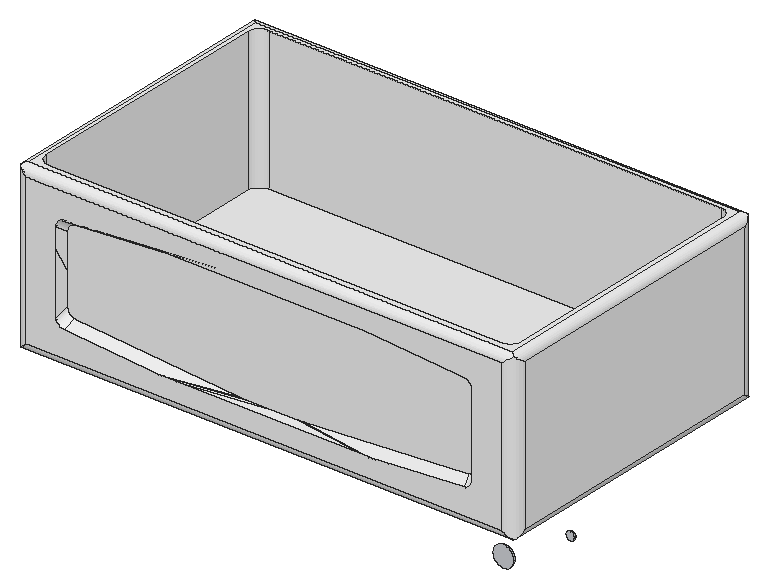
Revit family "Sink_Kitchen-Fire_Clay-DXV-Orchard-D20102000_Series", category Plumbing Fixtures, Revit 2014
Parameters (values of type "D20102000.415")
  Width = 30"
  Waste Connection Radius = 5/8"
  Waste Connection Height = 20 1/4"
  Waste Connection Diameter = Waste Connection Radius * 2  # 1 1/4"
  Waste Connection = yes
  WFU = 2
  Vent Connection = no
  URL = "www.dxv.com"
  Type Comments = "Bottom sink rack and strainer included"
  Product Page URL = "http://www.dxv.com/Product/Orchard-30-inches-Apron-Kitchen-Sink--"
  Product Documentation Link = "http://dxv.blob.core.windows.net/dxv-product-pdf-files/DXV_D20102000_Orchard_kit_sink_spec_en.pdf"
  Price = "Prices may vary. Please consult Manufacturer Representative for most up-to-date price list."  # constant formula
  Model = "D20102000.415"
  Material = "Fire Clay-DXV-415-Canvas White"
  Manufacturer = "DXV"
  Length = 18"
  Installation Type = "Semi Counter Mounted"
  Hot Water Connection Width = 4"
  Hot Water Connection Radius = 1/4"
  Hot Water Connection Height = 22 3/4"
  Hot Water Connection Diameter = Hot Water Connection Radius * 2  # 1/2"
  Height = 10"
  HWFU = 1.5
  HW Connection = yes
  Finish = Fire Clay-DXV-415-Canvas White
  Description = "Apron Front Kitchen Sink Canvas White"
  Default Elevation = 34"
  Creation Date = "06/02/2014"  # constant formula
  Cold Water Connection Width = 4"
  Cold Water Connection Radius = 1/4"
  Cold Water Connection Height = Hot Water Connection Height  # 22 3/4"
  Cold Water Connection Diameter = Cold Water Connection Radius * 2  # 1/2"
  CWFU = 1.5
  CW Connection = yes
  Basin Shape = "Rectangle"
  Assembly Code = "D2010310"
Types (4): name | Model | Material | Finish | Description
  (no name) | "D20102000.415" | "Fire Clay-DXV-415-Canvas White" | Fire Clay-DXV-415-Canvas White | "Apron Front Kitchen Sink Canvas White"
  D20102000.415 | "D20102000.415" | "Fire Clay-DXV-415-Canvas White" | Fire Clay-DXV-415-Canvas White | "Apron Front Kitchen Sink Canvas White"
  D20102000.410 | "D20102000.410" | "Fire Clay-DXV-410-Oyster" | Fire Clay-DXV-410-Oyster | "Apron Front Kitchen Sink Oyster"
  D20102000.425 | "D20102000.425" | "Fire Clay-DXV-425-Chenille Gray" | Fire Clay-DXV-425-Chenille Gray | "Apron Front Kitchen Sink Chenille Gray"
Reference planes (in)
  plane 1 "Center (Front/Back)": y = 0
  plane 2: z = 0
  plane 3 "Center (Left/Right)": x = 0
  plane 4: y = -18
  plane 5: x = 14.25
  plane 6: x = -14.25
  plane 7: y = -0.71575
  plane 8: y = -17.22175
  plane 9: x = -15
  plane 10: x = 15
  plane 11: y = -8.96875
  plane 12: y = -7.21875
  plane 13: y = -10.71875
  plane 14 "Finsihed Floor": z = -34
  plane 15: z = -11.25
  plane 16: z = -13.75
  plane 17: x = 4
  plane 18: x = -4
  plane 19: x = 1.75
  plane 20: x = -1.75
  plane 21: x = -12.75
  plane 22: x = 12.75
  plane 23: z = 10
Forms (in)
  Extrusion 1, solid, material "Fire Clay-DXV-415-Canvas White" <- "Finish"
    sketch origin (0, 0, 0) x (1, 0, 0) y (0, 1, 0)
      loop
        arc (-14.25, 0) -> (-14.78033, -0.21967) -> (-15, -0.75) r 0.75
        line (-15, -0.75) -> (-15, -17.25)
        arc (-15, -17.25) -> (-14.78033, -17.78033) -> (-14.25, -18) r 0.75
        line (-14.25, -18) -> (14.25, -18)
        arc (14.25, -18) -> (14.78033, -17.78033) -> (15, -17.25) r 0.75
        line (15, -17.25) -> (15, -0.75)
        arc (15, -0.75) -> (14.78033, -0.21967) -> (14.25, 0) r 0.75
        line (14.25, 0) -> (-14.25, 0)
    from 0 to 10
  Extrusion 2, void
    sketch origin (0, 0, 1.5) x (1, 0, 0) y (0, 1, 0)
      loop
        arc (-13.53906, -0.71575) -> (-14.04177, -0.92398) -> (-14.25, -1.42669) r 0.71094
        line (-14.25, -1.42669) -> (-14.25, -16.51081)
        arc (-14.25, -16.51081) -> (-14.04177, -17.01352) -> (-13.53906, -17.22175) r 0.71094
        line (-13.53906, -17.22175) -> (13.53906, -17.22175)
        arc (13.53906, -17.22175) -> (14.04177, -17.01352) -> (14.25, -16.51081) r 0.71094
        line (14.25, -16.51081) -> (14.25, -1.42669)
        arc (14.25, -1.42669) -> (14.04177, -0.92398) -> (13.53906, -0.71575) r 0.71094
        line (13.53906, -0.71575) -> (-13.53906, -0.71575)
    from 0 to 8.5
  Extrusion 3, solid
    sketch origin (0, 0, 0) x (1, 0, 0) y (0, 0, 1)
      loop
        circle (-4, -11.25) r 0.25
      loop
        circle (4, -11.25) r 0.25
      loop
        circle (0, -13.75) r 0.625
    from 0 to 0.0625
  Revolve 4, void
    sketch origin (0, -8.96875, 10) x (1, 0, 0) y (0, 0, 1)
      loop
        line (0, -10.28728) -> (1.70212, -10.28728) -> (2.08657, -7.9806) -> (0, -7.9806) -> (0, -10.28728)
      axis (0, -7.9806) -> (0, -10.28728)
    angle from 0 to 360
  Blend 5, void
    base sketch origin (0, -17.9375, 10) x (1, 0, 0) y (0, 0, -1)
      loop
        line (-12.25, 1.5) -> (12.25, 1.5)
        arc (12.25, 1.5) -> (12.60355, 1.64645) -> (12.75, 2) r 0.5
        line (12.75, 2) -> (12.75, 8)
        arc (12.75, 8) -> (12.60355, 8.35355) -> (12.25, 8.5) r 0.5
        line (12.25, 8.5) -> (-12.25, 8.5)
        arc (-12.25, 8.5) -> (-12.60355, 8.35355) -> (-12.75, 8) r 0.5
        line (-12.75, 8) -> (-12.75, 2)
        arc (-12.75, 2) -> (-12.60355, 1.64645) -> (-12.25, 1.5) r 0.5
    top sketch origin (0, -17.9375, 10) x (1, 0, 0) y (0, 0, -1)
      loop
        line (0, 1.75) -> (1.57166, 1.75)
        arc (1.57166, 1.75) -> (1.74989, 1.75318) -> (1.92789, 1.76271) r 5
        line (1.92789, 1.76271) -> (11.78562, 2.46683)
        arc (11.78562, 2.46683) -> (12.11593, 2.62483) -> (12.25, 2.96556) r 0.5
        line (12.25, 2.96556) -> (12.25, 5) -> (12.25, 7.03444)
        arc (12.25, 7.03444) -> (12.11593, 7.37517) -> (11.78562, 7.53317) r 0.5
        line (11.78562, 7.53317) -> (1.92789, 8.23729)
        arc (1.92789, 8.23729) -> (1.74989, 8.24682) -> (1.57166, 8.25) r 5
        line (1.57166, 8.25) -> (0, 8.25) -> (-1.57166, 8.25)
        arc (-1.57166, 8.25) -> (-1.74989, 8.24682) -> (-1.92789, 8.23729) r 5
        line (-1.92789, 8.23729) -> (-11.78562, 7.53317)
        arc (-11.78562, 7.53317) -> (-12.11593, 7.37517) -> (-12.25, 7.03444) r 0.5
        line (-12.25, 7.03444) -> (-12.25, 5) -> (-12.25, 2.96556)
        arc (-12.25, 2.96556) -> (-12.11593, 2.62483) -> (-11.78562, 2.46683) r 0.5
        line (-11.78562, 2.46683) -> (-1.92789, 1.76271)
        arc (-1.92789, 1.76271) -> (-1.74989, 1.75318) -> (-1.57166, 1.75) r 5
        line (-1.57166, 1.75) -> (0, 1.75)
    from -0.82119 to 0.5
  Sweep 6, void
    path origin (0, 0, 0) x (1, 0, 0) y (0, 1, 0)
      loop
        line (-15, 0) -> (-15, -18) -> (15, -18) -> (15, 0) -> (-15, 0)
    profile origin (0, 0, 0) x (0, 1, 0) y (0, 0, 1)
      loop
        line (0, 10) -> (-0.5, 10)
        arc (-0.5, 10) -> (-0.14645, 9.85355) -> (0, 9.5) r 0.5
        line (0, 9.5) -> (0, 10)
      loop
        line (0, 0) -> (0, 0.5)
        arc (0, 0.5) -> (-0.14645, 0.14645) -> (-0.5, 0) r 0.5
        line (-0.5, 0) -> (0, 0)
  Extrusion 7, void
    sketch origin (0, 0, 0) x (1, 0, 0) y (0, 1, 0)
      loop
        line (14.25, 0) -> (-14.25, 0)
        arc (-14.25, 0) -> (-14.76836, -0.20765) -> (-15, -0.71575) r 0.75082
        line (-15, -0.71575) -> (-15, -17.22175)
        arc (-15, -17.22175) -> (-14.79041, -17.77028) -> (-14.25, -18) r 0.75051
        line (-14.25, -18) -> (14.25, -18)
        arc (14.25, -18) -> (14.79041, -17.77028) -> (15, -17.22175) r 0.75051
        line (15, -17.22175) -> (15, -0.71575)
        arc (15, -0.71575) -> (14.76836, -0.20765) -> (14.25, 0) r 0.75082
    from 0 to 10
Cuts and joins
  Extrusion 2, Revolve 4, Blend 5, Sweep 6 cuts Extrusion 1
Lines and regions (in)
  Masking region 1
    outline origin (0, 0, 0) x (1, 0, 0) y (0, 1, 0)
      loop
        line (-15, -0.71575) -> (-15, -17.22175)
        arc (-15, -17.22175) -> (-14.79041, -17.77028) -> (-14.25, -18) r 0.75051
        line (-14.25, -18) -> (14.25, -18)
        arc (14.25, -18) -> (14.79041, -17.77028) -> (15, -17.22175) r 0.75051
        line (15, -17.22175) -> (15, -0.71575)
        arc (15, -0.71575) -> (14.76836, -0.20765) -> (14.25, 0) r 0.75082
        line (14.25, 0) -> (-14.25, 0)
        arc (-14.25, 0) -> (-14.76836, -0.20765) -> (-15, -0.71575) r 0.75082
  symbolic lines, style "PlumbingFixtures"
    curve 1: line (15, -17.22175, 0) -> (15, -0.71575, 0)
    curve 2: arc (15, -0.71575, 0) -> (14.76836, -0.20765, 0) -> (14.25, 0, 0) r 0.75082
    curve 3: line (14.25, 0, 0) -> (-14.25, 0, 0)
    curve 4: arc (-14.25, 0, 0) -> (-14.76836, -0.20765, 0) -> (-15, -0.71575, 0) r 0.75082
    curve 5: line (-15, -0.71575, 0) -> (-15, -17.22175, 0)
    curve 6: arc (-15, -17.22175, 0) -> (-14.79041, -17.77028, 0) -> (-14.25, -18, 0) r 0.75051
    curve 7: line (-14.25, -18, 0) -> (14.25, -18, 0)
    curve 8: arc (14.25, -18, 0) -> (14.79041, -17.77028, 0) -> (15, -17.22175, 0) r 0.75051
  symbolic lines, style "PlumbingFixtures", detail levels medium+fine
    curve 9: circle (0, -8.96875, 0) r 1.75 normal (0, 0, 1)
  symbolic lines, style "PlumbingFixtures", detail levels fine
    curve 10: arc (-13.53906, -0.71575, 0) -> (-14.04177, -0.92398, 0) -> (-14.25, -1.42669, 0) r 0.71094
    curve 11: line (-14.25, -1.42669, 0) -> (-14.25, -16.57362, 0)
    curve 12: arc (-14.25, -16.57362, 0) -> (-14.06017, -17.03192, 0) -> (-13.60187, -17.22175, 0) r 0.64813
    curve 13: line (-13.60187, -17.22175, 0) -> (13.53906, -17.22175, 0)
    curve 14: arc (13.53906, -17.22175, 0) -> (14.04177, -17.01352, 0) -> (14.25, -16.51081, 0) r 0.71094
    curve 15: line (14.25, -16.51081, 0) -> (14.25, -1.42669, 0)
    curve 16: arc (14.25, -1.42669, 0) -> (14.04177, -0.92398, 0) -> (13.53906, -0.71575, 0) r 0.71094
    curve 17: line (13.53906, -0.71575, 0) -> (-13.53906, -0.71575, 0)
    curve 18: circle (0, -8.96875, 0) r 2 normal (0, 0, -1)
Dimensions and locks (in)
  plane 12 to plane 13 = 3 1/2"
  "Default Elevation": level to plane 14 "Finsihed Floor"
  "Waste Connection Height": plane 16 to plane 14 "Finsihed Floor"
  "Hot Water Connection Height": plane 15 to plane 14 "Finsihed Floor"
  "Hot Water Connection Width": plane 18 to plane 3 "Center (Left/Right)"
  "Cold Water Connection Width": plane 17 to plane 3 "Center (Left/Right)"
  plane 18 to plane 17 = 8"
  plane 7 to plane 8 = 16.506"
  plane 6 to plane 5 = 28 1/2"
  "Width": plane 9 to plane 10
  "Length": plane 4 to plane 1 "Center (Front/Back)"
  "Height": plane 23 to level
Automatic sketch dimensions
  Extrusion 2 sketch curve to plane 6 = 0"
  plane 8 to Extrusion 2 sketch curve = 0"
  Extrusion 2 sketch curve to plane 7 = 0"
  Extrusion 2 sketch curve to plane 5 = 0"
  Extrusion 2 sketch curve to plane 6 = 91/128"  (x2)
  Extrusion 2 sketch curve to plane 5 = 91/128"  (x2)
  Extrusion 3 sketch curve to plane 15 = 0"  (x2)
  plane 18 to Extrusion 3 sketch curve = 0"
  Extrusion 3 sketch curve to plane 3 "Center (Left/Right)" = 0"
  Extrusion 3 sketch curve to plane 17 = 0"
  Extrusion 3 sketch curve to plane 16 = 0"
  Revolve 4 sketch curve to plane 3 "Center (Left/Right)" = 0"  (x2)
  Revolve 4 sketch curve to plane 19 = 0.04788"
  plane 19 to Revolve 4 sketch curve = 0.33657"
  plane 15 to Revolve 4 sketch curve = 8 3/4"
  Blend 5 sketch curve to plane 21 = 0"
  plane 22 to Blend 5 sketch curve = 0"
  plane 21 to Blend 5 sketch curve = 1/2"  (x3)
  plane 22 to Blend 5 sketch curve = 1/2"  (x2)
  Blend 5 sketch curve to Blend 5 sketch curve = 1/2"
  Blend 5 sketch curve to plane 3 "Center (Left/Right)" = 0"  (x2)
  Blend 5 sketch curve to plane 20 = 0.17834"  (x2)
  plane 20 to Blend 5 sketch curve = 0.17789"  (x2)
  plane 21 to Blend 5 sketch curve = 1"  (x2)
  Blend 5 sketch curve to Blend 5 sketch curve = 0.03562"  (x4)
  Blend 5 sketch curve to plane 19 = 0.17834"  (x2)
  plane 19 to Blend 5 sketch curve = 0.17789"  (x2)
  plane 22 to Blend 5 sketch curve = 1"  (x2)
  Blend 5 sketch curve to Blend 5 sketch curve = 1.48729"  (x2)
  Blend 5 sketch curve to Blend 5 sketch curve = 0.01271"  (x2)
  level to Sweep 6 sketch curve = 10"
  profile plane to Sweep 6 sketch curve = 1/2"  (x2)
  Sweep 6 sketch curve to Sweep 6 sketch curve = 1/2"
  level to Sweep 6 sketch curve = 9 1/2"
  Sweep 6 sketch curve to Sweep 6 sketch curve = 9"
  plane 1 "Center (Front/Back)" to Sweep 6 sketch curve = 0"
  Sweep 6 sketch curve to plane 9 = 0"
  Sweep 6 sketch curve to plane 4 = 0"
  Sweep 6 sketch curve to plane 10 = 0"
  Masking region 1 sketch curve to plane 7 = 0"
  Masking region 1 sketch curve to plane 9 = 0"
  plane 1 "Center (Front/Back)" to Masking region 1 sketch curve = 0"
  Masking region 1 sketch curve to plane 6 = 0"  (x2)
  plane 8 to Masking region 1 sketch curve = 0"
  Masking region 1 sketch curve to plane 10 = 0"
  Masking region 1 sketch curve to Masking region 1 sketch curve = 0"  (x3)
  Masking region 1 sketch curve to plane 5 = 0"
  Masking region 1 sketch curve to plane 4 = 0"
  curve 5 to plane 7 = 0"
  curve 5 to plane 9 = 0"
  curve 7 to plane 4 = 0"
  curve 7 to plane 6 = 0"
  plane 1 "Center (Front/Back)" to curve 3 = 0"
  curve 3 to plane 6 = 0"
  curve 9 to plane 3 "Center (Left/Right)" = 0"
  curve 3 to plane 5 = 0"
  curve 8 to plane 5 = 0"
  curve 2 to plane 7 = 0"
  curve 2 to plane 10 = 0"
  plane 8 to curve 1 = 0"
  plane 8 to curve 6 = 0"
  curve 9 to plane 11 = 0"
  curve 11 to plane 6 = 0"
  curve 10 to plane 7 = 0"
  curve 10 to curve 10 = 91/128"
  curve 6 to curve 11 = 0.67587"
  plane 8 to curve 12 = 0"
  curve 13 to plane 5 = 91/128"
  curve 14 to plane 5 = 0"
  curve 15 to curve 2 = 0.67587"
  curve 9 to curve 18 = 0"  (x2)
  Extrusion 1 sketch curve to plane 9 = 0"
  Extrusion 1 sketch curve to plane 4 = 0"
  Extrusion 1 sketch curve to plane 6 = 0"
  Extrusion 1 sketch curve to plane 5 = 0"  (x2)
  Extrusion 1 sketch curve to plane 10 = 0"
  Extrusion 1 sketch curve to plane 7 = 0.03425"
  plane 1 "Center (Front/Back)" to Extrusion 1 sketch curve = 0"
  Revolve 4 sketch curve to Revolve 4 sketch curve = 2.0194"
  Blend 5 sketch curve to Blend 5 sketch curve = 2.03444"  (x4)
  level to Blend 5 sketch curve = 8"
  level to Blend 5 sketch curve = 8 1/4"
  level to Blend 5 sketch curve = 7.53317"  (x2)
  Blend 5 sketch curve to Blend 5 sketch curve = 1 1/2"
  Revolve 4 sketch curve to level = 0"
  Revolve 4 sketch curve to level = 0.28728"
  level to Blend 5 sketch curve = 2"
  Extrusion 7 sketch curve to plane 7 = 0"  (x2)
  Extrusion 7 sketch curve to plane 9 = 0"
  Extrusion 7 sketch curve to plane 4 = 0"
  Extrusion 7 sketch curve to plane 6 = 0"  (x2)
  plane 1 "Center (Front/Back)" to Extrusion 7 sketch curve = 0"
  Extrusion 7 sketch curve to plane 5 = 0"  (x2)
  plane 8 to Extrusion 7 sketch curve = 0"  (x2)
  Extrusion 7 sketch curve to plane 10 = 0"
  radius of Extrusion 3 sketch curve = 1/4"  (x2)
  radius of Extrusion 3 sketch curve = 5/8"
  radius of curve 9 = 1 3/4"
  radius of curve 18 = 2"
Connectors (in)
  piping at (-4, 0, -11.25), diameter 0.5, driven by "Hot Water Connection Radius", driven by "HWFU"
    settings: on Extrusion 3, index 1, connector inside diameter 1/2", connector length 0", flow factor 0, pipe flow 0 GPM, pressure drop 0.00 psi, fitting loss kfactor 0, connector angle 0.00°, fixture units 1.5, engagement length 0", angle of deflection 0.00°, flow configuration 3, flow direction 1, fitting loss method 0, system type 19, joint type 0, gender type 0, connector reference index -1, connector utility 0, adjustable connector no, is connector primary yes, connector description "1/2\" HW Inlet"
  piping at (0, 0, -13.75), diameter 1.25, driven by "WFU"
    settings: on Extrusion 3, index 2, connector inside diameter 1 1/4", connector length 0", flow factor 0, pipe flow 0 GPM, pressure drop 0.00 psi, fitting loss kfactor 0, connector angle 0.00°, fixture units 2, engagement length 0", angle of deflection 0.00°, flow configuration 3, flow direction 2, fitting loss method 0, system type 16, joint type 0, gender type 0, connector reference index -1, connector utility 0, adjustable connector yes, is connector primary no, connector description "1 1/4\" O.D. Outlet"
  piping at (4, 0, -11.25), diameter 0.5, driven by "Cold Water Connection Radius", driven by "CWFU"
    settings: on Extrusion 3, index 3, connector inside diameter 1/2", connector length 0", flow factor 0, pipe flow 0 GPM, pressure drop 0.00 psi, fitting loss kfactor 0, connector angle 0.00°, fixture units 1.5, engagement length 0", angle of deflection 0.00°, flow configuration 3, flow direction 1, fitting loss method 0, system type 20, joint type 0, gender type 0, connector reference index -1, connector utility 0, adjustable connector no, is connector primary no, connector description "1/2\" CW Inlet"
